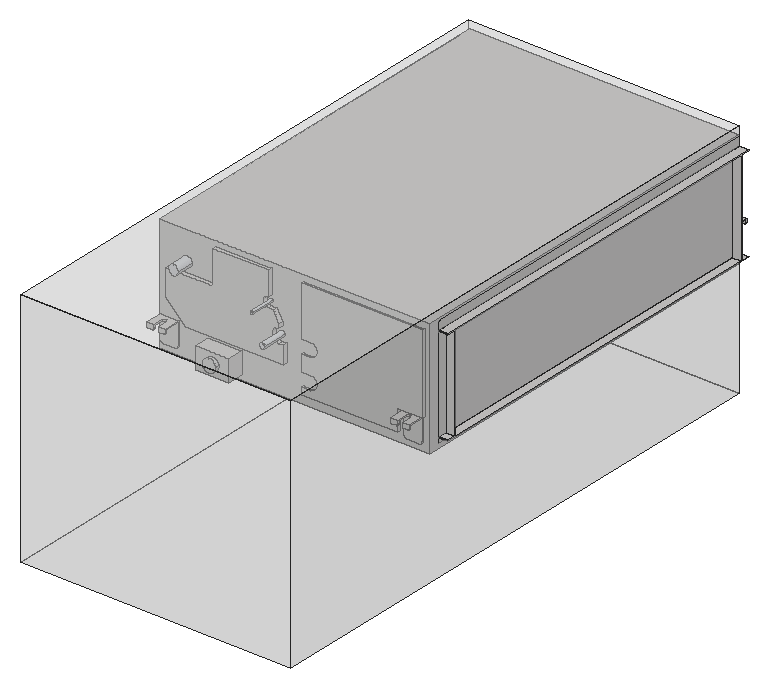
Revit family "outputfile", category 機械設備, Revit 2024
Family settings
  丸型コネクタ寸法 = 半径を使用
  パーツ タイプ = 標準
  OmniClass 番号 = 23.75.10.24.21.27.27
  OmniClass タイトル = Split System Air Conditioning Units
  作業面ベース = いいえ
  常に垂直 = はい
  ロード時にボイドで切り取り = いいえ
  注釈の向きを維持 = いいえ
  共有 = いいえ
  部屋計算ポイント = はい
Parameters (values of type "FXMQ50PAVE")
  Description = ""
  製造元 = "Daikin"
  書き出し IFC クラス(タイプ) = "IfcUnitaryEquipmentType"
  定義済み IFC タイプ(タイプ) = "AIRCONDITIONINGUNIT"
  Cost = 0
  モデル = "FXMQ50PAVE"
  Type Comments = ""
  Keynote = ""
  Type Image = (empty or 0)
  Assembly Code = ""
  r_Liquid Pipe Size = Liquid Pipe Size / 2  # 3.2 mm
  r_Gas Pipe Size = Gas Pipe Size / 2  # 6.35 mm
  r_Drain Pipe Size = Drain Pipe Size / 2  # 12.5 mm
  lw_power = 396.0 mm  # constant formula
  lh_SA = 165.0 mm  # constant formula
  lw_SA = if(Depth = 550.0 mm, 210.0 mm, if(Depth = 700.0 mm, 285.0 mm, if(Depth = 1000.0 mm, 435.0 mm, 635.0 mm)))  # 435.0 mm
  lw_RA = if(Depth = 550.0 mm, 288.0 mm, if(Depth = 700.0 mm, 363.0 mm, if(Depth = 1000.0 mm, 513.0 mm, 713.0 mm)))  # 513.0 mm
  lh_power = 60.0 mm + [h***]  # 60.0 mm
  lh_mountinghole1 = lh_mountinghole + [h***]  # 80.0 mm
  lh_RA = 150.0 mm  # constant formula
  ld_power = Depth / 2  # 500.0 mm
  Voltage_comment_60Hz = "220"
  Voltage_comment_50Hz = "220-240"
  Voltage_60Hz = 220 V
  Voltage_50Hz = 220 V
  URL = ""
  Supply Air Direction [instance] = yes
  Sound Power Level_H speed (dB) = 59
  Phase_60Hz = 1
  Phase_50Hz = 1
  Minimum External Static Pressure = 50.00 Pa
  Minimum Circuit Amps_60Hz = 1.6 A
  Minimum Circuit Amps_50Hz = 1.6 A
  Maximum Fuse Amps_60Hz = 16.0 A
  Maximum Fuse Amps_50Hz = 16.0 A
  Maximum External Static Pressure = 200.00 Pa
  Material_Casing = DAIKIN_GalvanizedSteel_Casing_indoorunit
  lw_mountinghole = 631.0 mm  # constant formula
  lh_gaspipe = 144.0 mm + [h***]  # 144.0 mm
  lh_mountinghole = 80.0 mm  # constant formula
  lh_liquidpipe = 212.0 mm + [h***]  # 212.0 mm
  lh_drainpipe = 232.0 mm + [h***]  # 232.0 mm
  lh_antena = Height - lh_mountinghole + 1.0 mm  # 221.0 mm
  ld_drainpipe = Depth / 2 + 54.0 mm  # 554.0 mm
  ld_liquidpipe = 565.0 mm
  ld_gaspipe = 565.0 mm
  ld_mountinghole = Depth + 38.0 mm  # 1038.0 mm
  h*** = 0.0 mm  # constant formula
  lw_liquidpipe = 290.0 mm  # constant formula
  lw_gaspipe = 318.0 mm  # constant formula
  lw_drainpipe = 80.0 mm  # constant formula
  Width = 700.0 mm
  Version = "ver.1.0"
  Unit Type = "Middle-High Static Pressure Duct Type"
  Unit Mass Weight = 35.00 kg
  Unit Designation [instance] = ""
  Uniclass2015Version = "Products v1.30"
  Uniclass2015Title = "Variable refrigerant flow units"
  Uniclass2015Code = "Pr_70_65_03_94"
  Total Heating Capacity [instance] = 0.000 kW
  Total Cooling Capacity [instance] = 0.000 kW
  Sound Pressure Level_M speed (dBA) = 0
  Sound Pressure Level_L speed (dBA) = 37
  Sound Pressure Level_H speed (dBA) = 41
  Series = "VRV Fan Coil Unit"
  Sensible Cooling Capacity [instance] = 0.000 kW
  SA Duct Size Width = if(Depth = 550.0 mm, 310.0 mm, if(Depth = 700.0 mm, 460.0 mm, if(Depth = 1000.0 mm, 760.0 mm, 1160.0 mm)))  # 760.0 mm
  SA Duct Size Height = 215.0 mm
  Refrigerant Type = "R410A"
  RA Duct Size Width = if(Depth = 550.0 mm, 475.0 mm, if(Depth = 700.0 mm, 625.0 mm, if(Depth = 1000.0 mm, 925.0 mm, 1325.0 mm)))  # 925.0 mm
  RA Duct Size Height = 247.0 mm
  Power Input (Heating) = 0.203 kW
  Power Input (Cooling) = 0.215 kW
  Option Accessory 3 [instance] = ""
  Option Accessory 2 [instance] = ""
  Option Accessory 1 [instance] = ""
  Nominal Heating Capacity = 6.300 kW
  Nominal Cooling Capacity = 5.600 kW
  Minimum Airflow = 900.00 m³/h
  Median Airflow = 990.00 m³/h
  Maximum Airflow = 1080.00 m³/h
  Load Classification = HVAC
  Liquid Pipe Size = 6.4 mm
  Link_Nested Family [instance] = ""
  IfcVersion = "0"
  IfcExportType = "AIRCONDITIONINGUNIT"
  IfcExportAs = "IfcUnitaryEquipmentType"
  Height = 300.0 mm
  Heating Entering Wet Bulb Temperature [instance] = 0.00 °C
  Heating Entering Dry Bulb Temperature [instance] = 0.00 °C
  Heating Ambient Wet Bulb Temperature [instance] = 0.00 °C
  Heating Ambient Dry Bulb Temperature [instance] = 0.00 °C
  Heat Exchanger Type = "Cross Fin Coil"
  Gas Pipe Size = 12.7 mm
  Frequency_60Hz = 60 Hz
  Frequency_50Hz = 50 Hz
  Fan Type = "Sirocco Fan"
  Fan Drive = "Direct Drive"
  FCU Tag No. [instance] = ""
  Drain Pipe Size = 25.0 mm
  Design Supply Airflow [instance] = 0.00 m³/h
  Design Return Airflow [instance] = 0.00 m³/h
  Design External Static Pressure [instance] = 0.00 Pa
  Depth = 1000.0 mm
  既定の高さ = 0.0 mm
  Cooling Entering Wet Bulb Temperature [instance] = 0.00 °C
  Cooling Entering Dry Bulb Temperature [instance] = 0.00 °C
  Cooling Ambient Wet Bulb Temperature [instance] = 0.00 °C
  Cooling Ambient Dry Bulb Temperature [instance] = 0.00 °C
  Clearance visibility [instance] = yes
  Clearance Top = 20.0 mm
  Clearance Right = 0.0 mm
  Clearance Rear = 0.0 mm
  Clearance Left = 0.0 mm
  Clearance Front = 450.0 mm
  Clearance Bottom = 300.0 mm
Reference planes
  plane 1 "Center (Front/Back)": y = 0
  plane 2 "h": z = 0
  plane 3 "Center (Left/Right)": x = 0
  plane 4 "Back": y = 500
  plane 5 "Front": y = -500
  plane 6 "Left": x = -350
  plane 7 "Reight": x = 350
  plane 8 "Top": z = 0
  plane 9 "Bottom": z = -300
  plane 10: y = -215
  plane 11: y = 500
  plane 12: y = -950
  plane 13: x = -350
  plane 14: x = 350
  plane 15: z = 20
  plane 16: z = -600
  plane 17: x = -350
  plane 18: z = -135
  plane 19: x = -349
  plane 20: x = 349
  plane 21: y = 65
  plane 22: y = 13
  plane 23: z = -150
  plane 24: y = -510.8
  plane 25: z = -14
  plane 26: z = -219
  plane 27: x = -324
  plane 28: x = -60
  plane 29: x = -20
  plane 30: z = -156
  plane 31: x = -32
  plane 32: z = -88
  plane 33: x = 23
  plane 34: x = 335
  plane 35: z = -15.8
  plane 36: z = -274.8
  plane 37: z = -219.8
  plane 38: x = 271
  plane 39: x = -223.3
  plane 40: x = -138.3
  plane 41: z = -232.7
  plane 42: z = -288.5
  plane 43: y = -541
  plane 44: x = -181
  plane 45: z = -260
  plane 46: y = -551
  plane 47: z = -163.8
  plane 48: z = -239.8
  plane 49: x = 46
  plane 50: z = -88
  plane 51: x = -60
  plane 52: y = -565
  plane 53: z = -156
  plane 54: x = -32
  plane 55: y = -554
  plane 56: z = -68
  plane 57: x = -270
  plane 58: x = -270
  plane 59: x = -60
  plane 60: x = -32
  plane 61: x = 46
  plane 62: x = -323
  plane 63: x = 308
  plane 64: y = -519
  plane 65: y = 519
  plane 66: z = -220
  plane 67: y = -506
  plane 68: x = -204
  plane 69: z = -100.2
  plane 70: x = -374
  plane 71: x = 374
Forms (mm)
  Extrusion 1, solid, material "DAIKIN_GalvanizedSteel_Casing_indoorunit" <- "Material_Casing"
    sketch origin (0, 0, 0) x (1, 0, 0) y (0, 1, 0)
      loop
        line (-349, 500) -> (-349, -500) -> (349, -500) -> (349, 500) -> (-349, 500)
    from -300 to 0
  Extrusion 2, solid, material "DAIKIN_GalvanizedSteel_Casing_indoorunit" <- "Material_Casing"
    sketch origin (0, 0, 0) x (1, 0, 0) y (0, 0, 1)
      loop
        line (-324, -100.2) -> (-324, -168) -> (-273, -219) -> (-20, -219) -> (-20, -173.5) -> (-32, -173.5)
        arc (-32, -173.5) -> (-49.5, -156) -> (-32, -138.5) r 17.5
        line (-32, -138.5) -> (-32, -127.5) -> (-47, -101) -> (-60, -101)
        arc (-60, -101) -> (-73, -88) -> (-60, -75) r 13
        line (-60, -75) -> (-60, -14) -> (-204, -14) -> (-204, -100.2) -> (-324, -100.2)
    from 500 to 510.8
  Extrusion 3, solid, material "DAIKIN_GalvanizedSteel_Casing_indoorunit" <- "Material_Casing"
    sketch origin (0, 0, 0) x (1, 0, 0) y (0, 0, 1)
      loop
        line (23, -274.8) -> (271, -274.8) -> (271, -219.8) -> (335, -219.8) -> (335, -15.8) -> (23, -15.8) -> (23, -146.3) -> (46, -146.3)
        arc (46, -146.3) -> (63.5, -163.8) -> (46, -181.3) r 17.5
        line (46, -181.3) -> (23, -181.3) -> (23, -222.3) -> (46, -222.3)
        arc (46, -222.3) -> (63.5, -239.8) -> (46, -257.3) r 17.5
        line (46, -257.3) -> (23, -257.3) -> (23, -274.8)
    from 500 to 506
  Extrusion 4, solid, material "DAIKIN_GalvanizedSteel_Casing_indoorunit" <- "Material_Casing"
    sketch origin (0, 0, 0) x (1, 0, 0) y (0, 0, 1)
      loop
        line (-223.3, -232.7) -> (-223.3, -288.5) -> (-138.3, -288.5) -> (-138.3, -232.7) -> (-223.3, -232.7)
    from 500 to 541
  Extrusion 5, solid, material "DAIKIN_GalvanizedSteel_Casing_indoorunit" <- "Material_Casing"
    sketch origin (0, 0, 0) x (1, 0, 0) y (0, 0, 1)
      loop
        circle (-181, -260) r 16.5
    from 541 to 551
  Extrusion 6, solid
    sketch origin (0, 0, 0) x (1, 0, 0) y (0, 0, 1)
      loop
        circle (-60, -88) r 3.2
    from 500 to 565
  Extrusion 7, solid
    sketch origin (0, 0, 0) x (1, 0, 0) y (0, 0, 1)
      loop
        circle (-32, -156) r 6.35
    from 500 to 565
  Extrusion 8, solid
    sketch origin (0, 0, 0) x (1, 0, 0) y (0, 0, 1)
      loop
        circle (-270, -68) r 12.5
    from 510.8 to 554
Dimensions and locks
  "Height": plane 8 "Top" to plane 9 "Bottom"
  equal spacing: plane 4 "Back", plane 1 "Center (Front/Back)", plane 5 "Front"
  "Depth": plane 4 "Back" to plane 5 "Front"
  equal spacing: plane 6 "Left", plane 3 "Center (Left/Right)", plane 7 "Reight"
  "Width": plane 6 "Left" to plane 7 "Reight"
  "Clearance Left": plane 13 to plane 6 "Left"
  "Clearance Right": plane 7 "Reight" to plane 14
  "Clearance Rear": plane 11 to plane 4 "Back"
  "Clearance Front": plane 5 "Front" to plane 12
  "Clearance Top": plane 15 to plane 8 "Top"
  "Clearance Bottom": plane 9 "Bottom" to plane 16
  "lh_SA": plane 18 to plane 9 "Bottom"
  locked: plane 17 to plane 19 at 1
  locked: plane 20 to plane 14 at 1
  "lw_SA": plane 11 to plane 21
  "lw_RA": plane 22 to plane 5 "Front"
  "lh_RA": plane 23 to plane 9 "Bottom"
  locked: plane 5 "Front" to plane 24 at 10.8
  plane 29 to plane 28 to plane 27 to plane 6 "Left" = 40.0 mm, 264.0 mm, 26.0 mm
  locked: plane 31 to plane 6 "Left" at 318
  plane 34 to plane 33 to plane 6 "Left" = 312.0 mm locked, 373.0 mm locked
  locked: plane 34 to plane 38 at 64
  locked: plane 37 to plane 36 at 55
  plane 40 to plane 39 to plane 6 "Left" = 85.0 mm locked, 126.7 mm locked
  locked: plane 5 "Front" to plane 43 at 41
  locked: plane 44 to plane 6 "Left" at 169
  locked: plane 43 to plane 46 at 10
  plane 47 to plane 48 to plane 36 = 76.0 mm locked, 35.0 mm locked
  locked: plane 49 to plane 33 at 23
  "lw_liquidpipe": plane 51 to plane 6 "Left"
  "lh_liquidpipe": plane 50 to plane 9 "Bottom"
  "lh_gaspipe": plane 53 to plane 9 "Bottom"
  "lw_gaspipe": plane 54 to plane 6 "Left"
  "ld_gaspipe": plane 52 to plane 1 "Center (Front/Back)"
  "ld_drainpipe": plane 55 to plane 1 "Center (Front/Back)"
  "lh_drainpipe": plane 56 to plane 9 "Bottom"
  "lw_drainpipe": plane 57 to plane 6 "Left"
  "lw_drainpipe": plane 6 "Left" to plane 58
  "lw_liquidpipe": plane 6 "Left" to plane 59
  "lw_gaspipe": plane 6 "Left" to plane 60
  "lw_power": plane 6 "Left" to plane 61
  plane 17 to plane 62 = 27.0 mm
  "lw_mountinghole": plane 62 to plane 63
  equal spacing: plane 64, plane 1 "Center (Front/Back)", plane 65
  "ld_mountinghole": plane 65 to plane 64
  "lh_mountinghole": plane 66 to plane 9 "Bottom"
  plane 8 "Top" to plane 41 to plane 42 = 232.7 mm locked, 55.8 mm locked
  locked: plane 8 "Top" to plane 45 at 260
  plane 8 "Top" to plane 25 to plane 26 = 14.0 mm locked, 205.0 mm locked
  plane 8 "Top" to plane 32 to plane 30 = 88.0 mm locked, 68.0 mm locked
  plane 8 "Top" to plane 35 to plane 36 = 15.8 mm locked, 259.0 mm locked
  locked: plane 5 "Front" to plane 67 at 6
  locked: plane 25 to plane 69 at 86.2
  locked: plane 27 to plane 68 at 120
  locked: plane 70 to plane 6 "Left" at 24
  locked: plane 14 to plane 71 at 24
  "r_Liquid Pipe Size": radius of Extrusion 6 sketch curve
  "r_Gas Pipe Size": radius of Extrusion 7 sketch curve
  "r_Drain Pipe Size": radius of Extrusion 8 sketch curve
  aligned and locked: level to plane 2 "h"
  aligned and locked: plane 8 "Top" to Extrusion 1
  aligned and locked: Extrusion 1 to plane 9 "Bottom"
  aligned and locked: nested 5 to plane 12
  aligned and locked: plane 13 to nested 5
  aligned and locked: plane 14 to nested 5
  aligned and locked: nested 5 to plane 13
  aligned and locked: plane 11 to nested 5
  aligned and locked: plane 15 to nested 5
  aligned and locked: plane 16 to nested 5
  aligned and locked: plane 5 "Front" to Extrusion 1 sketch curve
  aligned and locked: Extrusion 1 to plane 19
  aligned and locked: plane 20 to Extrusion 1
  aligned and locked: nested 7 to plane 19
  aligned and locked: nested 7 to plane 21
  aligned and locked: plane 18 to nested 7
  aligned and locked: plane 20 to nested 8
  aligned and locked: plane 22 to nested 8
  aligned and locked: plane 23 to nested 8
  aligned and locked: Extrusion 2 to plane 24
  aligned and locked: plane 5 "Front" to Extrusion 2
  aligned and locked: plane 36 to Extrusion 3 sketch curve
  aligned and locked: plane 38 to Extrusion 3 sketch curve
  aligned and locked: plane 37 to Extrusion 3 sketch curve
  aligned and locked: Extrusion 3 sketch curve to plane 34
  aligned and locked: Extrusion 3 sketch curve to plane 35
  aligned and locked: Extrusion 3 sketch curve to plane 33
  aligned and locked: plane 5 "Front" to Extrusion 3
  aligned and locked: Extrusion 4 sketch curve to plane 41
  aligned and locked: Extrusion 4 sketch curve to plane 39
  aligned and locked: plane 42 to Extrusion 4 sketch curve
  aligned and locked: plane 40 to Extrusion 4 sketch curve
  aligned and locked: Extrusion 4 to plane 43
  aligned and locked: plane 5 "Front" to Extrusion 4
  aligned and locked: Extrusion 5 sketch curve to plane 44
  aligned and locked: plane 45 to Extrusion 5 sketch curve
  aligned and locked: Extrusion 5 to plane 46
  aligned and locked: plane 43 to Extrusion 5
  aligned and locked: Extrusion 6 sketch curve to plane 51
  aligned and locked: plane 50 to Extrusion 6 sketch curve
  aligned and locked: Extrusion 6 to plane 52
  aligned and locked: plane 5 "Front" to Extrusion 6
  aligned and locked: Extrusion 7 sketch curve to plane 54
  aligned and locked: plane 53 to Extrusion 7 sketch curve
  aligned and locked: Extrusion 7 to Extrusion 6
  aligned and locked: plane 5 "Front" to Extrusion 7
  aligned and locked: Extrusion 8 sketch curve to plane 57
  aligned and locked: plane 56 to Extrusion 8 sketch curve
  aligned and locked: Extrusion 8 to plane 55
  aligned and locked: plane 24 to Extrusion 8
  aligned and locked: nested 3 to plane 55
  aligned and locked: plane 58 to nested 3
  aligned and locked: nested 2 to plane 59
  aligned and locked: nested 2 to plane 52
  aligned and locked: nested 1 to plane 60
  aligned and locked: Extrusion 7 to plane 52
  aligned and locked: nested 1 to plane 52
  aligned and locked: nested 6 to plane 5 "Front"
  aligned and locked: nested 6 to plane 61
  aligned and locked: plane 62 to nested 10
  aligned and locked: nested 10 to plane 5 "Front"
  aligned and locked: plane 63 to nested 9
  aligned and locked: nested 9 to plane 5 "Front"
  aligned and locked: nested 11 to plane 62
  aligned and locked: plane 4 "Back" to nested 11
  aligned and locked: nested 12 to plane 63
  aligned and locked: plane 4 "Back" to nested 12
  aligned and locked: plane 66 to nested 10
  aligned and locked: plane 66 to nested 11
  aligned and locked: plane 66 to nested 9
  aligned and locked: plane 66 to nested 12
  aligned and locked: plane 62 to nested 14
  aligned and locked: nested 14 to plane 65
  aligned and locked: plane 63 to nested 13
  aligned and locked: nested 13 to plane 65
  aligned and locked: plane 63 to nested 16
  aligned and locked: plane 64 to nested 16
  aligned and locked: plane 64 to nested 15
  aligned and locked: plane 62 to nested 15
  aligned and locked: Extrusion 3 to plane 67
  aligned and locked: Extrusion 2 sketch curve to plane 68
  aligned and locked: plane 69 to Extrusion 2 sketch curve
  aligned and locked: nested 17 to plane 21
  aligned and locked: nested 17 to plane 70
  aligned and locked: plane 18 to nested 17
  aligned and locked: plane 22 to nested 18
  aligned and locked: plane 71 to nested 18
  aligned and locked: nested 18 to plane 23
  aligned and locked: nested 4 to plane 3 "Center (Left/Right)"
  aligned and locked: plane 1 "Center (Front/Back)" to nested 4
  aligned and locked: level to plane 8 "Top"
Automatic sketch dimensions
  plane 6 "Left" to Extrusion 1 sketch curve = 1.0 mm
  Extrusion 1 sketch curve to plane 7 "Reight" = 1.0 mm
  Extrusion 1 sketch curve to plane 4 "Back" = 0.0 mm
  Extrusion 3 sketch curve to plane 33 = 0.0 mm  (x2)
  Extrusion 3 sketch curve to plane 47 = 0.0 mm
  Extrusion 3 sketch curve to plane 49 = 0.0 mm  (x4)
  Extrusion 3 sketch curve to plane 48 = 0.0 mm
  Extrusion 3 sketch curve to plane 37 = 2.5 mm
  plane 23 to Extrusion 3 sketch curve = 3.7 mm
  plane 27 to Extrusion 2 sketch curve = 0.0 mm
  Extrusion 2 sketch curve to plane 26 = 0.0 mm
  Extrusion 2 sketch curve to plane 28 = 0.0 mm
  Extrusion 2 sketch curve to plane 31 = 0.0 mm
  Extrusion 2 sketch curve to plane 29 = 0.0 mm
  Extrusion 2 sketch curve to plane 30 = 0.0 mm
  Extrusion 2 sketch curve to plane 32 = 0.0 mm
  Extrusion 2 sketch curve to plane 25 = 0.0 mm
  Extrusion 2 sketch curve to Extrusion 2 sketch curve = 13.0 mm
  Extrusion 2 sketch curve to Extrusion 2 sketch curve = 17.5 mm
  plane 18 to Extrusion 2 sketch curve = 7.5 mm
  Extrusion 2 sketch curve to plane 58 = 3.0 mm
  Extrusion 2 sketch curve to plane 30 = 12.0 mm
  Extrusion 2 sketch curve to Extrusion 2 sketch curve = 0.8 mm
  radius of Extrusion 5 sketch curve = 16.5 mm
Nested families
  nested 1: "daikin_connector_rotate2" at (-32, 0, -156), length <- "ld_gaspipe", built-in parameter 1001364 <- "lh_gaspipe", radius <- "r_Gas Pipe Size", type "daikin_connector_rotate2"
    with radius 6.35 mm, length 565.0 mm, angle_vertical 90.00°
  nested 2: "daikin_connector_rotate2" at (-60, 0, -88), length <- "ld_liquidpipe", built-in parameter 1001364 <- "lh_liquidpipe", radius <- "r_Liquid Pipe Size", type "daikin_connector_rotate2"
    with radius 3.2 mm, length 565.0 mm, angle_vertical 90.00°
  nested 3: "daikin_connector_rotate2" at (-270, 0, -68), length <- "ld_drainpipe", built-in parameter 1001364 <- "lh_drainpipe", radius <- "r_Drain Pipe Size", type "daikin_connector_rotate2"
    with radius 12.5 mm, length 554.0 mm, angle_vertical 90.00°
  nested 4: "daikin_△_symbolicline" at (0, 0, 300) x (0, -1, 0) z (0, 0, 1), built-in parameter 1001364 <- "Height", visible <- "Supply Air Direction", type "daikin_△_symbolicline"
    with length 200.0 mm
  nested 5: "daikin_clearancespace" at (0, -225, -289.881), visible <- "Clearance visibility", show <- "Clearance visibility", Link_Nested Family <- "Link_Nested Family", type "daikin_clearancespace"
    with width 700.0 mm, show yes, height 620.0 mm, depth 1450.0 mm, Link_Nested Family ""
  nested 6: "daikin_connector_rotate2" at (46, 0, -240), built-in parameter 1001364 <- "lh_power", length <- "ld_power", type "daikin_connector_rotate2"
    with radius 10.0 mm, length 500.0 mm, angle_vertical 90.00°
  nested 7: "daikin_ductflange_FXMQ-PAVE2" at (-349, 65, -135) x (0, -1, 0) z (0, 0, 1), type "daikin_ductflange_FXMQ-PAVE2"
    with width 760.0 mm, w 1000.0 mm
  nested 8: "daikin_ductflange_FXMQ-PAVE" at (349, 13, -150) x (0, 1, 0) z (0, 0, 1), type "daikin_ductflange_FXMQ-PAVE"
    with width 925.0 mm, w 1000.0 mm
  nested 9: "daikin_hangerfixture_FXMQ-PAVE" at (308, -500, -220), type "daikin_hangerfixture_FXMQ-PAVE"
  nested 10: "daikin_hangerfixture_FXMQ-PAVE" at (-323, -500, -220), type "daikin_hangerfixture_FXMQ-PAVE"
  nested 11: "daikin_hangerfixture_FXMQ-PAVE" at (-323, 500, -220) x (-1, 0, 0) z (0, 0, 1), type "daikin_hangerfixture_FXMQ-PAVE"
  nested 12: "daikin_hangerfixture_FXMQ-PAVE" at (308, 500, -220) x (-1, 0, 0) z (0, 0, 1), type "daikin_hangerfixture_FXMQ-PAVE"
  nested 13: "daikin_mountinghole" at (308, 519, -300), h_mountinghole <- "lh_mountinghole1", l_antenna <- "lh_antena", Link_Nested Family <- "Link_Nested Family", type "daikin_mountinghole"
    with show yes, l_antenna 221.0 mm, h_mountinghole 80.0 mm, Link_Nested Family ""
  nested 14: "daikin_mountinghole" at (-323, 519, -300), h_mountinghole <- "lh_mountinghole1", l_antenna <- "lh_antena", Link_Nested Family <- "Link_Nested Family", type "daikin_mountinghole"
    with show yes, l_antenna 221.0 mm, h_mountinghole 80.0 mm, Link_Nested Family ""
  nested 15: "daikin_mountinghole" at (-323, -519, -300), h_mountinghole <- "lh_mountinghole1", l_antenna <- "lh_antena", Link_Nested Family <- "Link_Nested Family", type "daikin_mountinghole"
    with show yes, l_antenna 221.0 mm, h_mountinghole 80.0 mm, Link_Nested Family ""
  nested 16: "daikin_mountinghole" at (308, -519, -300), h_mountinghole <- "lh_mountinghole1", l_antenna <- "lh_antena", Link_Nested Family <- "Link_Nested Family", type "daikin_mountinghole"
    with show yes, l_antenna 221.0 mm, h_mountinghole 80.0 mm, Link_Nested Family ""
  nested 17: "daikin_connector_rotate2" at (-350, 65, -135) x (0, -1, 0) z (0, 0, 1), type "daikin_connector_rotate2"
    with radius 10.0 mm, length 24.0 mm, angle_vertical 90.00°
  nested 18: "daikin_connector_rotate2" at (350, 13, -150) x (0, 1, 0) z (0, 0, 1), type "daikin_connector_rotate2"
    with radius 10.0 mm, length 24.0 mm, angle_vertical 90.00°
Connectors
  piping at (-270, -554, -68), diameter 25, driven by "r_Drain Pipe Size"
    settings: on nested 3, index 3, connector inside diameter 609.6 mm, connector length 0.0 mm, flow factor 0, pipe flow 0.00 m³/h, pressure drop 0.0 Pa, fitting loss kfactor 0, connector angle 0.00°, fixture units 0, engagement length 0.0 mm, angle of deflection 0.00°, flow configuration 1, flow direction 2, fitting loss method 4, system type 16, joint type 0, gender type 0, connector reference index -1, connector utility 0, adjustable connector no, is connector primary yes, connector description "Condensate Drain Piping"
  piping at (-32, -565, -156), diameter 12.7, driven by "r_Gas Pipe Size"
    settings: on nested 1, index 4, connector inside diameter 609.6 mm, connector length 0.0 mm, flow factor 0, pipe flow 0.00 m³/h, pressure drop 0.0 Pa, fitting loss kfactor 0, connector angle 0.00°, fixture units 0, engagement length 0.0 mm, angle of deflection 0.00°, flow configuration 1, flow direction 2, fitting loss method 0, system type 29, joint type 0, gender type 0, connector reference index -1, connector utility 0, adjustable connector no, is connector primary no, connector description "Refrigerant Gas Piping"
  piping at (-60, -565, -88), diameter 6.4, driven by "r_Liquid Pipe Size"
    settings: on nested 2, index 5, connector inside diameter 609.6 mm, connector length 0.0 mm, flow factor 0, pipe flow 0.00 m³/h, pressure drop 0.0 Pa, fitting loss kfactor 0, connector angle 0.00°, fixture units 0, engagement length 0.0 mm, angle of deflection 0.00°, flow configuration 1, flow direction 1, fitting loss method 0, system type 29, joint type 0, gender type 0, connector reference index -1, connector utility 0, adjustable connector no, is connector primary no, connector description "Refrigerant Liquid Piping"
  electrical at (46, -500, -240), driven by "Load Classification"
    settings: on nested 6, index 6, voltage 0 V, apparent load 0 VA, apparent load phase1 0 VA, apparent load phase2 0 VA, apparent load phase3 0 VA, power factor 1, load classification "HVAC", number of poles 1, system type 30, power factor state 1, is connector primary yes, connector utility no, sub classification motor no, connector description "Power Supply"
  hvac at (-374, 65, -135), driven by "SA Duct Size Height", driven by "SA Duct Size Width"
    settings: on nested 17, index 7, duct flow 0.00 m³/h, flow factor 0, pres drop 0.00 Pa, loss coef 0, conn angle 0.00°, conn width 760.0 mm, conn height 215.0 mm, conn diameter 609.6 mm, duct sys type 1, conn prof type 1, flow config 0, flow direction 2, loss method 4, conn ref index -1, conn util no, is conn primary yes, conn desc "SA Duct"
  hvac at (374, 13, -150), driven by "RA Duct Size Height", driven by "RA Duct Size Width"
    settings: on nested 18, index 8, duct flow 0.00 m³/h, flow factor 0, pres drop 0.00 Pa, loss coef 0, conn angle 0.00°, conn width 925.0 mm, conn height 247.0 mm, conn diameter 609.6 mm, duct sys type 2, conn prof type 1, flow config 0, flow direction 1, loss method 4, conn ref index -1, conn util no, is conn primary no, conn desc "RA Duct"
Definition of nested family "daikin_clearancespace"
  Parameters (values of type "daikin_clearancespace")
    width [instance] = 1823.963 mm
    show [instance] = yes
    material = none
    height [instance] = 1359.762 mm
    depth [instance] = 880.0 mm
    Default Elevation = 0.0 mm
    Link_Nested Family [instance] = ""
  Reference planes
    plane 1 "Center (Front/Back)": y = 0
    plane 2 "Center (Elevation)": z = -0.119
    plane 3 "Center (Left/Right)": x = 0
    plane 4: y = 440
    plane 5: y = -440
    plane 6 "Right": x = 911.982
    plane 7 "Left": x = -911.982
    plane 8 "Top": z = 679.762
    plane 9 "Bottom": z = -680
  Forms (mm)
    Extrusion 1, solid, material <- "material", visible <- "show"
      sketch origin (0, 0, 0) x (1, 0, 0) y (0, 1, 0)
        loop
          line (-911.982, 440) -> (-911.982, -440) -> (911.982, -440) -> (911.982, 440) -> (-911.982, 440)
      from -680 to 679.762
  Lines and regions (mm)
    symbolic lines, visible <- "show"
      curve 1: line (911.982, 440, 0) -> (-911.982, 440, 0)
      curve 2: line (-911.982, 440, 0) -> (-911.982, -440, 0)
      curve 3: line (-911.982, -440, 0) -> (911.982, -440, 0)
      curve 4: line (911.982, -440, 0) -> (911.982, 440, 0)
      curve 5: line (911.982, 0, 679.762) -> (-911.982, 0, 679.762)
      curve 6: line (911.982, 0, -680) -> (911.982, 0, 679.762)
      curve 7: line (-911.982, 0, -680) -> (911.982, 0, -680)
      curve 8: line (-911.982, 0, 679.762) -> (-911.982, 0, -680)
      curve 9: line (0, 440, 679.762) -> (0, -440, 679.762)
      curve 10: line (0, -440, 679.762) -> (0, -440, -680)
      curve 11: line (0, 440, -680) -> (0, 440, 679.762)
      curve 12: line (0, -440, -680) -> (0, 440, -680)
  Dimensions and locks
    "width": plane 7 "Left" to plane 6 "Right"
    "depth": plane 4 to plane 5
    "height": plane 8 "Top" to plane 9 "Bottom"
    equal spacing: plane 7 "Left", plane 3 "Center (Left/Right)", plane 6 "Right"
    equal spacing: plane 4, plane 1 "Center (Front/Back)", plane 5
    equal spacing: plane 8 "Top", plane 2 "Center (Elevation)", plane 9 "Bottom"
    aligned and locked: level to plane 2 "Center (Elevation)"
    aligned and locked: Extrusion 1 sketch curve to plane 4
    aligned and locked: plane 7 "Left" to Extrusion 1 sketch curve
    aligned and locked: Extrusion 1 sketch curve to plane 5
    aligned and locked: Extrusion 1 sketch curve to plane 6 "Right"
    aligned and locked: plane 8 "Top" to Extrusion 1
    aligned and locked: curve 1 to Extrusion 1
    aligned and locked: curve 2 to Extrusion 1
    aligned and locked: curve 3 to Extrusion 1
    aligned and locked: curve 4 to Extrusion 1
    aligned and locked: curve 5 to Extrusion 1
    aligned and locked: curve 6 to Extrusion 1
    aligned and locked: curve 7 to Extrusion 1
    aligned and locked: curve 8 to Extrusion 1
    aligned and locked: curve 9 to Extrusion 1
    aligned and locked: curve 10 to Extrusion 1
    aligned and locked: curve 11 to Extrusion 1
    aligned and locked: curve 12 to Extrusion 1
    aligned and locked: Extrusion 1 to plane 9 "Bottom"
Definition of nested family "daikin_ductflange_FXMQ-PAVE2"
  Parameters (values of type "daikin_ductflange_FXDSQ-AVM2")
    width = if(w = 550.0 mm, 310.0 mm, if(w = 700.0 mm, 460.0 mm, if(w = 1000.0 mm, 760.0 mm, 1160.0 mm)))  # 310.0 mm
    material = none
    height = 215.0 mm
    depth = 1.0 mm
    w = 550.0 mm
    Default Elevation = 0.0 mm
  Reference planes
    plane 1 "Center (Front/Back)": y = 0
    plane 2: z = 0
    plane 3 "Center (Left/Right)": x = 0
    plane 4: z = 107.5
    plane 5: z = -107.5
    plane 6: y = -25
    plane 7: z = 132.5
    plane 8: z = 108.5
    plane 9: y = -1
    plane 10: x = -177.5
    plane 11: x = 177.5
    plane 12: z = -132.5
    plane 13: z = -108.5
    plane 14: y = -1
    plane 15: x = 155
    plane 16: x = -155
    plane 17: x = 156
    plane 18: z = 106.5
    plane 19: z = -106.5
    plane 20: x = -156
    plane 21: z = 106.5
    plane 22: z = -106.5
    plane 23: y = -1
  Forms (mm)
    Extrusion 1, solid, material <- "material"
      sketch origin (0, 0, 0) x (0, 1, 0) y (0, 0, 1)
        loop
          line (-25, 107.5) -> (0, 107.5) -> (0, 132.5) -> (-1, 132.5) -> (-1, 108.5) -> (-25, 108.5) -> (-25, 107.5)
      from -177.5 to 177.5
    Extrusion 2, solid, material <- "material"
      sketch origin (0, 0, 0) x (0, 1, 0) y (0, 0, 1)
        loop
          line (-25, -107.5) -> (-25, -108.5) -> (-1, -108.5) -> (-1, -132.5) -> (0, -132.5) -> (0, -107.5) -> (-25, -107.5)
      from -177.5 to 177.5
    Extrusion 3, solid, material <- "material"
      sketch origin (0, 0, 0) x (1, 0, 0) y (0, 0, 1)
        loop
          line (155, 107.5) -> (155, -107.5) -> (177.5, -107.5) -> (177.5, -106.5) -> (156, -106.5) -> (156, 106.5) -> (177.5, 106.5) -> (177.5, 107.5) -> (155, 107.5)
      from 0 to 25
    Extrusion 4, solid, material <- "material"
      sketch origin (0, 0, 0) x (1, 0, 0) y (0, 0, 1)
        loop
          line (-177.5, 107.5) -> (-177.5, 106.5) -> (-156, 106.5) -> (-156, -106.5) -> (-177.5, -106.5) -> (-177.5, -107.5) -> (-155, -107.5) -> (-155, 107.5) -> (-177.5, 107.5)
      from 0 to 25
    Extrusion 5, solid, material <- "material"
      sketch origin (0, 0, 0) x (1, 0, 0) y (0, 0, 1)
        loop
          line (-177.5, 107.5) -> (-177.5, -107.5) -> (-155, -107.5) -> (-155, 107.5) -> (-177.5, 107.5)
        loop
          line (177.5, 107.5) -> (155, 107.5) -> (155, -107.5) -> (177.5, -107.5) -> (177.5, 107.5)
      from 0 to 1
  Cuts and joins
    joined: Extrusion 1, Extrusion 2, Extrusion 3, Extrusion 4, Extrusion 5
  Dimensions and locks
    plane 4 to level to plane 5 = 107.5 mm locked, 107.5 mm locked
    locked: plane 6 to plane 1 "Center (Front/Back)" at 25
    locked: plane 9 to plane 1 "Center (Front/Back)" at 1
    locked: plane 8 to plane 4 at 1
    locked: plane 11 to plane 15 at 22.5
    locked: plane 16 to plane 10 at 22.5
    locked: plane 17 to plane 15 at 1
    locked: plane 4 to plane 18 at 1
    locked: plane 19 to plane 5 at 1
    "width": plane 15 to plane 16
    plane 4 to plane 5 = 215.0 mm
    equal spacing: plane 15, plane 3 "Center (Left/Right)", plane 16
    locked: plane 16 to plane 20 at 1
    locked: plane 4 to plane 21 at 1
    locked: plane 22 to plane 5 at 1
    locked: plane 23 to plane 1 "Center (Front/Back)" at 1
    aligned and locked: level to plane 2
    aligned and locked: Extrusion 1 to plane 10
    aligned and locked: plane 11 to Extrusion 1
    aligned and locked: plane 5 to Extrusion 2
    aligned and locked: Extrusion 2 to plane 1 "Center (Front/Back)"
    aligned and locked: plane 15 to Extrusion 3 sketch curve
    aligned and locked: Extrusion 3 sketch curve to Extrusion 2  (x2)
    aligned and locked: Extrusion 3 sketch curve to plane 11
    aligned and locked: plane 6 to Extrusion 3
    aligned and locked: Extrusion 2 to plane 10
    aligned and locked: plane 11 to Extrusion 2
    aligned and locked: Extrusion 4 sketch curve to Extrusion 1  (x2)
    aligned and locked: plane 5 to Extrusion 4 sketch curve
    aligned and locked: Extrusion 4 sketch curve to plane 16
    aligned and locked: Extrusion 4 sketch curve to plane 22
    aligned and locked: plane 20 to Extrusion 4 sketch curve
    aligned and locked: plane 21 to Extrusion 4 sketch curve
    aligned and locked: Extrusion 4 to plane 1 "Center (Front/Back)"
    aligned and locked: plane 6 to Extrusion 4
    aligned and locked: Extrusion 5 sketch curve to Extrusion 1  (x4)
    aligned and locked: Extrusion 5 sketch curve to Extrusion 4  (x2)
    aligned and locked: Extrusion 5 sketch curve to Extrusion 3  (x2)
    aligned and locked: Extrusion 5 to plane 1 "Center (Front/Back)"
    aligned and locked: plane 23 to Extrusion 5
  Automatic sketch dimensions
    Extrusion 1 sketch curve to plane 6 = 0.0 mm
    Extrusion 1 sketch curve to plane 7 = 0.0 mm
    Extrusion 1 sketch curve to plane 9 = 0.0 mm
    Extrusion 1 sketch curve to plane 1 "Center (Front/Back)" = 0.0 mm
    Extrusion 1 sketch curve to plane 4 = 0.0 mm
    Extrusion 1 sketch curve to plane 8 = 0.0 mm
    Extrusion 2 sketch curve to plane 6 = 0.0 mm
    plane 12 to Extrusion 2 sketch curve = 0.0 mm
    Extrusion 2 sketch curve to plane 14 = 0.0 mm
    Extrusion 2 sketch curve to plane 1 "Center (Front/Back)" = 0.0 mm
    plane 13 to Extrusion 2 sketch curve = 0.0 mm
    Extrusion 2 sketch curve to plane 5 = 0.0 mm
    Extrusion 3 sketch curve to plane 17 = 0.0 mm
    Extrusion 3 sketch curve to plane 19 = 0.0 mm
    Extrusion 3 sketch curve to plane 18 = 0.0 mm
    Extrusion 3 sketch curve to plane 4 = 0.0 mm
    Extrusion 4 sketch curve to plane 10 = 0.0 mm
Definition of nested family "daikin_ductflange_FXMQ-PAVE"
  Parameters (values of type "daikin_ductflange_FXDSQ-AVM")
    width = if(w = 550.0 mm, 475.0 mm, if(w = 700.0 mm, 625.0 mm, if(w = 1000.0 mm, 925.0 mm, 1325.0 mm)))  # 475.0 mm
    material = none
    height = 247.0 mm
    depth = 1.0 mm
    w = 550.0 mm
    Default Elevation = 0.0 mm
  Reference planes
    plane 1 "Center (Front/Back)": y = 0
    plane 2: z = 0
    plane 3 "Center (Left/Right)": x = 0
    plane 4: z = 123.5
    plane 5: z = -123.5
    plane 6: y = -25
    plane 7: z = 146.5
    plane 8: z = 124.5
    plane 9: y = -1
    plane 10: x = -260
    plane 11: x = 260
    plane 12: z = -137
    plane 13: z = -124.5
    plane 14: y = -1
    plane 15: x = 237.5
    plane 16: x = -237.5
    plane 17: x = 238.5
    plane 18: z = 122.5
    plane 19: z = -122.5
    plane 20: x = -238.5
    plane 21: z = 122.5
    plane 22: z = -122.5
    plane 23: y = -1
  Forms (mm)
    Extrusion 1, solid, material <- "material"
      sketch origin (0, 0, 0) x (0, 1, 0) y (0, 0, 1)
        loop
          line (-25, 123.5) -> (0, 123.5) -> (0, 146.5) -> (-1, 146.5) -> (-1, 124.5) -> (-25, 124.5) -> (-25, 123.5)
      from -260 to 260
    Extrusion 2, solid, material <- "material"
      sketch origin (0, 0, 0) x (0, 1, 0) y (0, 0, 1)
        loop
          line (-25, -123.5) -> (-25, -124.5) -> (-1, -124.5) -> (-1, -137) -> (0, -137) -> (0, -123.5) -> (-25, -123.5)
      from -260 to 260
    Extrusion 3, solid, material <- "material"
      sketch origin (0, 0, 0) x (1, 0, 0) y (0, 0, 1)
        loop
          line (237.5, 123.5) -> (237.5, -123.5) -> (260, -123.5) -> (260, -122.5) -> (238.5, -122.5) -> (238.5, 122.5) -> (260, 122.5) -> (260, 123.5) -> (237.5, 123.5)
      from 0 to 25
    Extrusion 4, solid, material <- "material"
      sketch origin (0, 0, 0) x (1, 0, 0) y (0, 0, 1)
        loop
          line (-260, 123.5) -> (-260, 122.5) -> (-238.5, 122.5) -> (-238.5, -122.5) -> (-260, -122.5) -> (-260, -123.5) -> (-237.5, -123.5) -> (-237.5, 123.5) -> (-260, 123.5)
      from 0 to 25
    Extrusion 5, solid, material <- "material"
      sketch origin (0, 0, 0) x (1, 0, 0) y (0, 0, 1)
        loop
          line (-260, 123.5) -> (-260, -123.5) -> (-237.5, -123.5) -> (-237.5, 123.5) -> (-260, 123.5)
        loop
          line (260, 123.5) -> (237.5, 123.5) -> (237.5, -123.5) -> (260, -123.5) -> (260, 123.5)
      from 0 to 1
  Cuts and joins
    joined: Extrusion 1, Extrusion 2, Extrusion 3, Extrusion 4, Extrusion 5
  Dimensions and locks
    plane 4 to level to plane 5 = 123.5 mm, 123.5 mm
    locked: plane 6 to plane 1 "Center (Front/Back)" at 25
    locked: plane 9 to plane 1 "Center (Front/Back)" at 1
    locked: plane 8 to plane 4 at 1
    locked: plane 11 to plane 15 at 22.5
    locked: plane 16 to plane 10 at 22.5
    locked: plane 17 to plane 15 at 1
    locked: plane 4 to plane 18 at 1
    locked: plane 19 to plane 5 at 1
    "width": plane 15 to plane 16
    equal spacing: plane 15, plane 3 "Center (Left/Right)", plane 16
    locked: plane 16 to plane 20 at 1
    locked: plane 4 to plane 21 at 1
    locked: plane 22 to plane 5 at 1
    locked: plane 23 to plane 1 "Center (Front/Back)" at 1
    equal spacing: plane 4, level, plane 5
    locked: plane 7 to plane 4 at 23
    locked: plane 5 to plane 12 at 13.5
    locked: plane 1 "Center (Front/Back)" to plane 14 at 1
    locked: plane 5 to plane 13 at 1
    locked: plane 4 to plane 5 at 247
    aligned and locked: level to plane 2
    aligned and locked: Extrusion 1 to plane 10
    aligned and locked: plane 11 to Extrusion 1
    aligned and locked: plane 5 to Extrusion 2
    aligned and locked: Extrusion 2 to plane 1 "Center (Front/Back)"
    aligned and locked: plane 15 to Extrusion 3 sketch curve
    aligned and locked: Extrusion 3 sketch curve to Extrusion 2  (x2)
    aligned and locked: Extrusion 3 sketch curve to plane 11
    aligned and locked: plane 6 to Extrusion 3
    aligned and locked: Extrusion 2 to plane 10
    aligned and locked: plane 11 to Extrusion 2
    aligned and locked: Extrusion 4 sketch curve to Extrusion 1  (x2)
    aligned and locked: plane 5 to Extrusion 4 sketch curve
    aligned and locked: Extrusion 4 sketch curve to plane 16
    aligned and locked: Extrusion 4 sketch curve to plane 22
    aligned and locked: plane 20 to Extrusion 4 sketch curve
    aligned and locked: plane 21 to Extrusion 4 sketch curve
    aligned and locked: Extrusion 4 to plane 1 "Center (Front/Back)"
    aligned and locked: plane 6 to Extrusion 4
    aligned and locked: Extrusion 5 sketch curve to Extrusion 1  (x4)
    aligned and locked: Extrusion 5 sketch curve to Extrusion 4  (x2)
    aligned and locked: Extrusion 5 sketch curve to Extrusion 3  (x2)
    aligned and locked: Extrusion 5 to plane 1 "Center (Front/Back)"
    aligned and locked: plane 23 to Extrusion 5
  Automatic sketch dimensions
    Extrusion 1 sketch curve to plane 6 = 0.0 mm
    Extrusion 1 sketch curve to plane 7 = 0.0 mm
    Extrusion 1 sketch curve to plane 9 = 0.0 mm
    Extrusion 1 sketch curve to plane 1 "Center (Front/Back)" = 0.0 mm
    Extrusion 1 sketch curve to plane 4 = 0.0 mm
    Extrusion 1 sketch curve to plane 8 = 0.0 mm
    Extrusion 2 sketch curve to plane 6 = 0.0 mm
    plane 12 to Extrusion 2 sketch curve = 0.0 mm
    Extrusion 2 sketch curve to plane 14 = 0.0 mm
    Extrusion 2 sketch curve to plane 1 "Center (Front/Back)" = 0.0 mm
    plane 13 to Extrusion 2 sketch curve = 0.0 mm
    Extrusion 2 sketch curve to plane 5 = 0.0 mm
    Extrusion 3 sketch curve to plane 17 = 0.0 mm
    Extrusion 3 sketch curve to plane 19 = 0.0 mm
    Extrusion 3 sketch curve to plane 18 = 0.0 mm
    Extrusion 3 sketch curve to plane 4 = 0.0 mm
    Extrusion 4 sketch curve to plane 10 = 0.0 mm
Definition of nested family "daikin_hangerfixture_FXMQ-PAVE"
  Parameters (values of type "daikin_hangerfixture_FXMQ-PAVE")
    width = 48.0 mm
    material = none
    height = 65.0 mm
    depth = 45.0 mm
    Default Elevation = 0.0 mm
  Reference planes
    plane 1 "Center (Front/Back)": y = 0
    plane 2: z = 0
    plane 3 "Center (Left/Right)": x = 0
    plane 4: y = 417.146
    plane 5: y = -45
    plane 6: x = -24
    plane 7: x = 24
    plane 8: z = -2.3
    plane 9: z = -65
    plane 10: y = -2.3
    plane 11: z = -12
    plane 12: y = -42.7
  Forms (mm)
    Extrusion 1, solid, material <- "material"
      sketch origin (0, 0, 0) x (1, 0, 0) y (0, 1, 0)
        loop
          line (24, 0) -> (-24, 0) -> (-24, -45) -> (-6, -45) -> (-6, -19)
          arc (-6, -19) -> (0, -13) -> (6, -19) r 6
          line (6, -19) -> (6, -45) -> (24, -45) -> (24, 0)
      from 0 to -2.3
    Extrusion 2, solid, material <- "material"
      sketch origin (0, 0, 0) x (1, 0, 0) y (0, 0, 1)
        loop
          line (24, -55) -> (24, 0) -> (-24, 0) -> (-24, -55)
          arc (-24, -55) -> (-21.071, -62.071) -> (-14, -65) r 10
          line (-14, -65) -> (14, -65)
          arc (14, -65) -> (21.071, -62.071) -> (24, -55) r 10
      from 0 to 2.3
    Extrusion 3, solid, material <- "material"
      sketch origin (0, 0, 0) x (1, 0, 0) y (0, 0, 1)
        loop
          line (-6, -9) -> (-6, 0) -> (-24, 0) -> (-24, -9)
          arc (-24, -9) -> (-23.121, -11.121) -> (-21, -12) r 3
          line (-21, -12) -> (-9, -12)
          arc (-9, -12) -> (-6.879, -11.121) -> (-6, -9) r 3
        loop
          line (6, 0) -> (6, -9)
          arc (6, -9) -> (6.879, -11.121) -> (9, -12) r 3
          line (9, -12) -> (21, -12)
          arc (21, -12) -> (23.121, -11.121) -> (24, -9) r 3
          line (24, -9) -> (24, 0) -> (6, 0)
      from 42.7 to 45
  Cuts and joins
    joined: Extrusion 1, Extrusion 2, Extrusion 3
  Dimensions and locks
    "width": plane 6 to plane 7
    "depth": plane 5 to plane 1 "Center (Front/Back)"
    plane 2 to plane 8 = 2.3 mm
    "height": plane 2 to plane 9
    locked: plane 10 to plane 1 "Center (Front/Back)" at 2.3
    locked: plane 2 to plane 11 at 12
    locked: plane 12 to plane 5 at 2.3
    aligned and locked: level to plane 2
    aligned and locked: Extrusion 1 sketch curve to plane 1 "Center (Front/Back)"
    aligned and locked: plane 7 to Extrusion 1
    aligned and locked: Extrusion 1 to plane 6
    aligned and locked: Extrusion 1 to plane 5  (x2)
    aligned and locked: Extrusion 1 to plane 8
    aligned and locked: plane 2 to Extrusion 1
    aligned and locked: plane 2 to Extrusion 2 sketch curve
    aligned and locked: Extrusion 2 to plane 9
    aligned and locked: Extrusion 2 to plane 10
    aligned and locked: Extrusion 2 to plane 1 "Center (Front/Back)"
    aligned and locked: plane 2 to Extrusion 3 sketch curve  (x2)
    aligned and locked: Extrusion 3 to plane 11  (x2)
    aligned and locked: plane 12 to Extrusion 3
    aligned and locked: Extrusion 3 to plane 5
  Automatic sketch dimensions
    Extrusion 1 sketch curve to plane 6 = 0.0 mm
    Extrusion 1 sketch curve to plane 5 = 0.0 mm  (x2)
    Extrusion 1 sketch curve to plane 3 "Center (Left/Right)" = 0.0 mm
    Extrusion 1 sketch curve to plane 7 = 0.0 mm
    Extrusion 1 sketch curve to plane 3 "Center (Left/Right)" = 6.0 mm
    plane 1 "Center (Front/Back)" to Extrusion 1 sketch curve = 19.0 mm
    Extrusion 2 sketch curve to plane 7 = 0.0 mm
    Extrusion 2 sketch curve to plane 7 = 10.0 mm
    Extrusion 2 sketch curve to plane 8 = 52.7 mm
    plane 6 to Extrusion 2 sketch curve = 10.0 mm
    Extrusion 2 sketch curve to plane 6 = 0.0 mm
    Extrusion 3 sketch curve to plane 6 = 0.0 mm
    Extrusion 3 sketch curve to plane 7 = 0.0 mm
    Extrusion 3 sketch curve to Extrusion 3 sketch curve = 3.0 mm  (x2)
    Extrusion 3 sketch curve to plane 8 = 6.7 mm
    Extrusion 3 sketch curve to plane 3 "Center (Left/Right)" = 9.0 mm
    Extrusion 3 sketch curve to plane 3 "Center (Left/Right)" = 6.0 mm
    plane 3 "Center (Left/Right)" to Extrusion 3 sketch curve = 6.0 mm
    Extrusion 3 sketch curve to plane 7 = 3.0 mm
    Extrusion 3 sketch curve to plane 8 = 9.7 mm
Definition of nested family "daikin_connector_rotate2"
  Parameters (values of type "daikin_connector_rotate2")
    Default Elevation = 1219.2 mm
    show_face = no
    radius [instance] = 10.0 mm
    length [instance] = 600.0 mm
    d_surface = 10.0 mm
    angle_vertical [instance] = 90.00°
  Reference planes
    plane 1 "Center (Front/Back)": y = 0
    plane 2: z = 0
    plane 3 "Center (Left/Right)": x = 0
  Forms (mm)
    Extrusion 1, solid, visible <- "show_face"
      sketch origin (0, -600, 0) x (1, 0, 0) y (0, 0, 1)
        loop
          circle (0, 0) r 10
      from 0 to -10
  Lines and regions (mm)
    reference lines
      curve 1: line (0, 0, 0) -> (0, -600, 0)
    symbolic lines
      curve 2: circle (0, 0, 0) r 5 normal (0, 0, 1)
    model lines, visible <- "show_face"
      curve 3: line (0, 0, 0) -> (0, -600, 0)
  Dimensions and locks
    "length": curve 1 to curve 1
    "length": curve 3 to curve 3
    "d_surface": Extrusion 1 to Extrusion 1
    "radius": radius of Extrusion 1 sketch curve
    "angle_vertical": angle curve 1 to plane 1 "Center (Front/Back)"
    "angle_vertical": angle curve 3 to plane 1 "Center (Front/Back)"
    aligned and locked: level to plane 2
    aligned and locked: plane 1 "Center (Front/Back)" to curve 1
    aligned and locked: plane 2 to curve 1
    aligned and locked: plane 1 "Center (Front/Back)" to curve 2
    aligned and locked: plane 3 "Center (Left/Right)" to curve 2
    aligned and locked: plane 1 "Center (Front/Back)" to curve 3
    aligned and locked: plane 2 to curve 3
    aligned and locked: Extrusion 1 to Extrusion 1
  Automatic sketch dimensions
    Extrusion 1 sketch curve to level = 0.0 mm
    Extrusion 1 sketch curve to plane 3 "Center (Left/Right)" = 0.0 mm
    radius of curve 2 = 5.0 mm
Definition of nested family "daikin_△_symbolicline"
  Parameters (values of type "daikin_△_symbolicline")
    length [instance] = 200.0 mm
    Default Elevation = 0.0 mm
  Reference planes
    plane 1 "Center (Front/Back)": y = 0
    plane 2: z = 0
    plane 3 "Center (Left/Right)": x = 0
  Lines and regions (mm)
    symbolic lines
      curve 1: line (0, -173.205, 0) -> (100, 0, 0)
      curve 2: line (100, 0, 0) -> (-100, 0, 0)
      curve 3: line (-100, 0, 0) -> (0, -173.205, 0)
  Dimensions and locks
    equal spacing: curve 3, plane 3 "Center (Left/Right)", curve 2
    "length": curve 3 to curve 2
    "length": curve 3 to curve 3
    "length": curve 1 to curve 1
    aligned and locked: level to plane 2
    aligned and locked: curve 2 to plane 1 "Center (Front/Back)"
    aligned and locked: plane 3 "Center (Left/Right)" to curve 3
Definition of nested family "daikin_mountinghole"
  Parameters (values of type "daikin_mountinghole")
    Default Elevation = 1219.2 mm
    Type Comments = "mountinghole"
    show [instance] = yes
    material = none
    l_centerline = 100.0 mm
    l_antenna [instance] = 100.0 mm
    h_mountinghole [instance] = 0.0 mm
    d_circle = 30.0 mm
    Link_Nested Family [instance] = ""
  Reference planes
    plane 1 "Center (Front/Back)": y = 0
    plane 2: z = 0
    plane 3 "Center (Left/Right)": x = 0
    plane 4: y = 50
    plane 5: x = -50
    plane 6: x = 50
    plane 7: y = -50
    plane 8 "h_mountinghole": z = 0
    plane 9: z = 100
  Lines and regions (mm)
    model lines, detail levels fine
      curve 1: circle (0, 0, 0) r 15 normal (0, 0, 1)
      curve 2: line (-50, 0, 0) -> (50, 0, 0)
      curve 3: line (0, 50, 0) -> (0, -50, 0)
    symbolic lines, detail levels fine
      curve 4: circle (0, 0, 0) r 15 normal (0, 0, 1)
      curve 5: line (-50, 0, 0) -> (50, 0, 0)
      curve 6: line (0, 50, 0) -> (0, -50, 0)
    model lines
      curve 7: line (0, 0, 100) -> (0, 0, 0)
  Dimensions and locks
    equal spacing: plane 4, plane 1 "Center (Front/Back)", plane 7
    "l_centerline": plane 4 to plane 7
    equal spacing: plane 5, plane 3 "Center (Left/Right)", plane 6
    "l_centerline": plane 5 to plane 6
    "l_antenna": plane 9 to plane 8 "h_mountinghole"
    "h_mountinghole": plane 8 "h_mountinghole" to plane 2
    "d_circle": diameter of curve 1
    "d_circle": diameter of curve 4
    aligned and locked: level to plane 2
    aligned and locked: plane 1 "Center (Front/Back)" to curve 1
    aligned and locked: plane 3 "Center (Left/Right)" to curve 1
    aligned and locked: plane 1 "Center (Front/Back)" to curve 2
    aligned and locked: curve 3 to plane 3 "Center (Left/Right)"
    aligned and locked: plane 6 to curve 2
    aligned and locked: plane 5 to curve 2
    aligned and locked: plane 4 to curve 3
    aligned and locked: plane 7 to curve 3
    aligned and locked: plane 1 "Center (Front/Back)" to curve 4
    aligned and locked: plane 3 "Center (Left/Right)" to curve 4
    aligned and locked: plane 6 to curve 5
    aligned and locked: plane 5 to curve 5
    aligned and locked: plane 1 "Center (Front/Back)" to curve 5
    aligned and locked: plane 4 to curve 6
    aligned and locked: plane 7 to curve 6
    aligned and locked: curve 6 to plane 3 "Center (Left/Right)"
    aligned and locked: curve 7 to plane 3 "Center (Left/Right)"
    aligned and locked: plane 9 to curve 7
    aligned and locked: plane 8 "h_mountinghole" to curve 7
